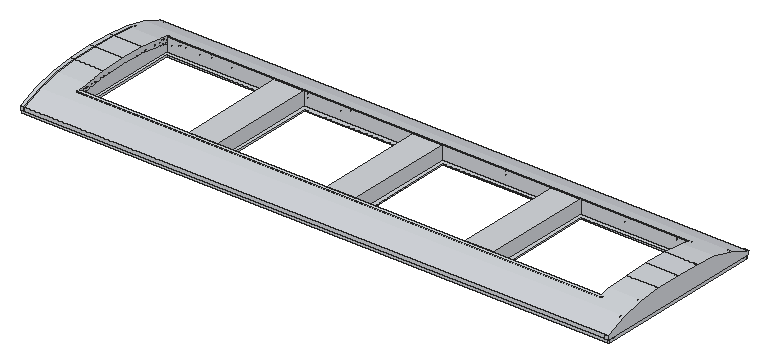
Revit family "Gira_0214773", category Electrical Fixtures, host Face, Revit 2017
Family settings
  Host = Face
  Maintain Annotation Orientation = No
  Round Connector Dimension = Use Diameter
  Part Type = Normal
  Cut with Voids When Loaded = No
  Shared = No
  Room Calculation Point = No
Parameters (values of type "Abdeckrahmen 4f Zwischenr. RW Gira Event Klar Sand")
  Werkstoffgüte = "Thermoplast"
  Werkstoff = "Kunststoff"
  URL = "http://katalog.gira.de/de_DE/datenblatt.html?artikelnr=0214773"
  Transparent = "No"
  Textfeld/Beschriftungsfläche = "No"
  Schutzart (IP) = "IP20"
  Region = "DE"
  Oberfläche = "sonstige"
  Name = "Abdeckrahmen 4f Zwischenr. RW Gira Event Klar Sand"
  Montagerichtung = "horizontal und vertikal"
  Mit Montagerahmen = "No"
  Mit Klappdeckel = "No"
  Manufacturer URL = "https://www.gira.de/"
  Keynote = "Event_Rahmen_4fach"
  HeinzeBIM = "https://bimportal.heinze.de/bim/abdeckrahmen-4f-zwischenr-rw-gira-event-klar-sand/987eacc572db3b8b13acf5b4ec7ab5f1c8947913"
  Halogenfrei = "Yes"
  HAN = "0214773"
  Geeignet für Unterputz-Installation = "No"
  Geeignet für Unterflurkanaldose = "No"
  Geeignet für Geräteeinbaukanal = "No"
  Geeignet für Einbauinstallation = "No"
  GTIN = "4010337069577"
  Farbe = "sonstige"
  Default Elevation = 1219.2 mm
  Data sheet (1) = "https://katalog.gira.de/de_DE/download.html?artikelnr=0214773"
  Category = "Abdeckrahmen"
  Befestigungsart = "Klemmbefestigung"
  Available = "Yes"
  Ausführung der Oberfläche = "glänzend"
  Anzahl der Einheiten vertikal = "4 "
  Anzahl der Einheiten horizontal = "4 "
  Anzahl der Einheiten = "4 "
Reference planes
  plane 1 "Center (Front/Back)": y = 0
  plane 2: z = 0
  plane 3 "Center (Left/Right)": x = 0
Forms (mm)
  Extrusion 1, solid, detail levels fine
    sketch origin (0, 0, 0.05) x (0, 1, 0) y (0, 0, 1)
      loop
        arc (12.445, 9.683) -> (6.223, 9.833) -> (0, 9.85) r 291.636
        arc (0, 9.85) -> (-6.223, 9.833) -> (-12.445, 9.683) r 291.636
        arc (-12.445, 9.683) -> (-29.14, 7.482) -> (-45, 1.823) r 79.728
        line (-45, 1.823) -> (-45, -0.05) -> (-42.086, -0.05)
        arc (-42.086, -0.05) -> (-21.385, 5.559) -> (0, 7.206) r 114.424
        arc (0, 7.206) -> (21.385, 5.559) -> (42.086, -0.05) r 114.424
        line (42.086, -0.05) -> (45, -0.05) -> (45, 1.823)
        arc (45, 1.823) -> (29.14, 7.482) -> (12.445, 9.683) r 79.728
    from -151.95 to 151.935
  Extrusion 2, void, detail levels fine
    sketch origin (0, 0, 0) x (1, 0, 0) y (0, 1, 0)
      loop
        line (134.95, 28.035) -> (-134.95, 28.035) -> (-134.95, -28.035) -> (134.95, -28.035) -> (134.95, 28.035)
    from 0.724 to 11
  Extrusion 3, solid, detail levels coarse
    sketch origin (0, 0, 0) x (1, 0, 0) y (0, 1, 0)
      loop
        line (-151.95, 45) -> (-151.95, -45) -> (151.935, -45) -> (151.935, 45) -> (-151.95, 45)
    from -1.5 to 9.9
  Extrusion 4, solid, detail levels medium
    sketch origin (0, 0, 0.05) x (0, 1, 0) y (0, 0, 1)
      loop
        arc (12.445, 9.683) -> (6.223, 9.833) -> (0, 9.85) r 291.636
        arc (0, 9.85) -> (-6.223, 9.833) -> (-12.445, 9.683) r 291.636
        arc (-12.445, 9.683) -> (-29.14, 7.482) -> (-45, 1.823) r 79.728
        line (-45, 1.823) -> (-45, -0.05) -> (45, -0.05) -> (45, 1.823)
        arc (45, 1.823) -> (29.14, 7.482) -> (12.445, 9.683) r 79.728
    from -151.95 to 151.935
  Extrusion 5, solid, detail levels fine
    sketch origin (-106.95, 0, -1.5) x (0, 1, 0) y (0, 0, -1)
      loop
        line (45, -3.373) -> (45, -1.5) -> (-45, -1.5) -> (-45, -3.373)
        arc (-45, -3.373) -> (-29.14, -9.032) -> (-12.445, -11.233) r 79.728
        arc (-12.445, -11.233) -> (-6.223, -11.383) -> (0, -11.4) r 291.636
        arc (0, -11.4) -> (6.223, -11.383) -> (12.445, -11.233) r 291.636
        arc (12.445, -11.233) -> (29.14, -9.032) -> (45, -3.373) r 79.728
    from 43 to 45
  Extrusion 6, solid, detail levels fine
    sketch origin (0, 0, 0) x (1, 0, 0) y (0, 1, 0)
      loop
        line (-132.85, 25.7) -> (-132.85, -25.7) -> (-81.05, -25.7) -> (-81.05, 25.7) -> (-132.85, 25.7)
      loop
        line (-9.755, -25.7) -> (-9.755, 25.7) -> (-61.555, 25.7) -> (-61.555, -25.7) -> (-9.755, -25.7)
      loop
        line (-135.845, 28.49) -> (-135.845, -28.495)
        spline (-135.845, -28.495) -> (-135.836, -28.625) -> (-135.811, -28.754) -> (-135.769, -28.878) -> (-135.711, -28.995) -> (-135.638, -29.104) -> (-135.552, -29.202) -> (-135.454, -29.288) -> (-135.345, -29.361) -> (-135.228, -29.419) -> (-135.104, -29.461) -> (-134.975, -29.486) -> (-134.845, -29.495)
        line (-134.845, -29.495) -> (134.845, -29.495)
        spline (134.845, -29.495) -> (134.975, -29.486) -> (135.104, -29.461) -> (135.228, -29.419) -> (135.345, -29.361) -> (135.454, -29.288) -> (135.552, -29.202) -> (135.638, -29.104) -> (135.711, -28.995) -> (135.769, -28.878) -> (135.811, -28.754) -> (135.836, -28.625) -> (135.845, -28.495)
        line (135.845, -28.495) -> (135.845, 28.49)
        spline (135.845, 28.49) -> (135.836, 28.62) -> (135.811, 28.748) -> (135.769, 28.872) -> (135.711, 28.99) -> (135.638, 29.098) -> (135.552, 29.197) -> (135.454, 29.283) -> (135.345, 29.356) -> (135.228, 29.413) -> (135.104, 29.456) -> (134.975, 29.481) -> (134.845, 29.49)
        line (134.845, 29.49) -> (-134.845, 29.49)
        spline (-134.845, 29.49) -> (-134.975, 29.481) -> (-135.104, 29.456) -> (-135.228, 29.413) -> (-135.345, 29.356) -> (-135.454, 29.283) -> (-135.552, 29.197) -> (-135.638, 29.098) -> (-135.711, 28.99) -> (-135.769, 28.872) -> (-135.811, 28.748) -> (-135.836, 28.62) -> (-135.845, 28.49)
      loop
        line (61.545, -25.7) -> (61.545, 25.7) -> (9.745, 25.7) -> (9.745, -25.7) -> (61.545, -25.7)
      loop
        line (132.85, -25.7) -> (132.85, 25.7) -> (81.05, 25.7) -> (81.05, -25.7) -> (132.85, -25.7)
    from 0.1 to 7.3
  Extrusion 7, solid
    sketch origin (0, 0, 0) x (1, 0, 0) y (0, 1, 0)
      loop
        arc (-151.65, -44.218) -> (-151.504, -44.572) -> (-151.15, -44.718) r 0.5
        line (-151.15, -44.718) -> (151.15, -44.718)
        arc (151.15, -44.718) -> (151.504, -44.572) -> (151.65, -44.218) r 0.5
        line (151.65, -44.218) -> (151.65, 44.182)
        arc (151.65, 44.182) -> (151.504, 44.535) -> (151.15, 44.682) r 0.5
        line (151.15, 44.682) -> (-151.15, 44.682)
        arc (-151.15, 44.682) -> (-151.504, 44.535) -> (-151.65, 44.182) r 0.5
        line (-151.65, 44.182) -> (-151.65, -44.218)
      loop
        line (-149.95, 42.982) -> (-149.95, -43.018) -> (149.95, -43.018) -> (149.95, 42.982) -> (-149.95, 42.982)
    from -1.5 to 0.5
  Extrusion 8, solid, detail levels fine
    sketch origin (106.935, 0, -1.5) x (0, 1, 0) y (0, 0, 1)
      loop
        arc (45, 3.373) -> (29.14, 9.032) -> (12.445, 11.233) r 79.728
        arc (12.445, 11.233) -> (6.223, 11.383) -> (0, 11.4) r 291.636
        arc (0, 11.4) -> (-6.223, 11.383) -> (-12.445, 11.233) r 291.636
        arc (-12.445, 11.233) -> (-29.14, 9.032) -> (-45, 3.373) r 79.728
        line (-45, 3.373) -> (-45, 1.5) -> (45, 1.5) -> (45, 3.373)
    from 43 to 45
  Extrusion 9, solid, detail levels medium
    sketch origin (0, 0, 0) x (1, 0, 0) y (0, 1, 0)
      loop
        line (-151.65, -44.718) -> (151.65, -44.718) -> (151.65, 44.682) -> (-151.65, 44.682) -> (-151.65, -44.718)
    from -1.5 to 0.5
  Extrusion 10, solid, detail levels fine
    sketch origin (-69.857, 0, 0) x (1, 0, 0) y (0, 1, 0)
      loop
        line (-8.943, 28.063) -> (-8.943, -27.937) -> (6.057, -27.937) -> (6.057, 28.063) -> (-8.943, 28.063)
    from 0.724 to 7.566
  Extrusion 11, solid, detail levels fine
    sketch origin (-1.443, 0, 0) x (-1, 0, 0) y (0, -1, 0)
      loop
        line (-8.943, -28.063) -> (6.057, -28.063) -> (6.057, 27.937) -> (-8.943, 27.937) -> (-8.943, -28.063)
    from 0.724 to 7.566
  Extrusion 12, solid, detail levels fine
    sketch origin (69.857, 0, 0) x (-1, 0, 0) y (0, -1, 0)
      loop
        line (-8.943, -28.063) -> (6.057, -28.063) -> (6.057, 27.937) -> (-8.943, 27.937) -> (-8.943, -28.063)
    from 0.724 to 7.566
Cuts and joins
  Extrusion 2 cuts Extrusion 1
  Extrusion 2 cuts Extrusion 6
Dimensions and locks
  aligned and locked: plane 2 to host face
  aligned and locked: level to host face
